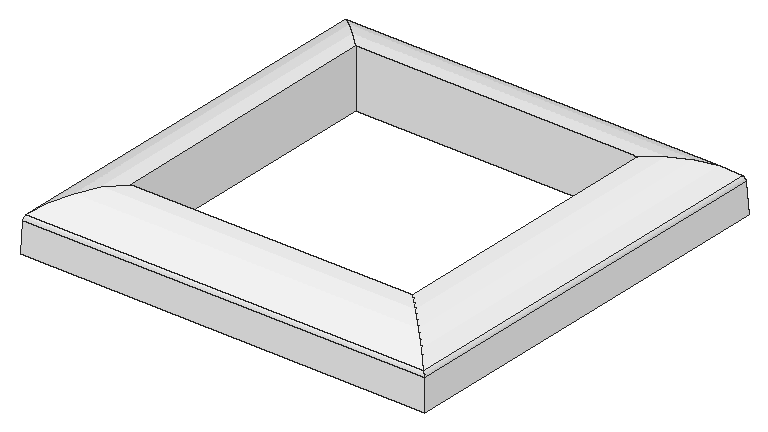
Revit family "Gira_109103", category Electrical Fixtures, host Face, Revit 2017
Family settings
  Host = Face
  Maintain Annotation Orientation = No
  Round Connector Dimension = Use Diameter
  Part Type = Normal
  Cut with Voids When Loaded = No
  Shared = No
  Room Calculation Point = No
Parameters
  Werkstoffgüte = "Thermoplast"
  Werkstoff = "Kunststoff"
  URL = "https://www.gira.de/"
  Typname = "Abdeckrahmen 1f BSF Gira E2 Reinweiß"
  Transparent = no
  Textfeld/Beschriftungsfläche = yes
  Schutzart (IP) = "IP20"
  RAL-Nummer (ähnlich) = 9010
  Produktseite = "http://katalog.gira.de/de_DE/datenblatt.html?artikelnr=109103"
  Oberfläche = "sonstige"
  Montagerichtung = "vertikal"
  Mit Montagerahmen = no
  Mit Klappdeckel = no
  Manufacturer = "Gira"
  Halogenfrei = yes
  HAN = "109103"
  Geeignet für Unterputz-Installation = yes
  Geeignet für Unterflurkanaldose = no
  Geeignet für Geräteeinbaukanal = no
  Geeignet für Einbauinstallation = no
  GTIN = "4010337091035"
  Farbe = "weiß"
  Datenblatt = "https://katalog.gira.de/de_DE/download.html?artikelnr=109103"
  Description = "Abdeckrahmen Gira Standard 55 mit Beschriftungsfeld Reinweiß glänzend 1fach Merkmale: - Bruchsicher. - Sprühnebeldicht. - Abdeckrahmen mit transparentem Sichtfenster zur Beschriftung der Einsätze. - Besonders geeignet für Objekte, in denen Elektroinstallation gekennzeichnet und dokumentiert werden muss, bspw. in Verwaltungen, gewerblichen Betrieben, Flughäfen, Unternehmen und Krankenhäusern.  Hinweise : - Nicht zu verwenden mit: Dichtungsset IP44, Aufputz-Gehäuse flache Bauweise, Aufputz-Gehäuse."
  Befestigungsart = "Klemmbefestigung"
  Keynote = "Std55_Rahmen_1fach"
  Default Elevation = 1219.2 mm
  BIM = "https://media.stage.bim.site/public/gira/876eb45/Std55_Rahmen_1fach.rfa"
  Ausführung der Oberfläche = "glänzend"
  Anzahl der Einheiten vertikal = 1
  Anzahl der Einheiten = 1
Reference planes
  plane 1 "Center (Front/Back)": y = 0
  plane 2: z = 0
  plane 3 "Center (Left/Right)": x = 0
  plane 4: y = -40.3
  plane 5: y = 40.3
  plane 6: x = 40.3
  plane 7: x = -40.3
Forms (mm)
  Sweep 1, solid, material "White", detail levels fine
    path origin (0, 0, 0) x (1, 0, 0) y (0, 1, 0)
      loop
        line (40.3, 40.3) -> (-40.3, 40.3) -> (-40.3, -40.3) -> (40.3, -40.3) -> (40.3, 40.3)
    profile origin (0, 40.3, 0) x (0, -1, 0) y (0, 0, 1)
      loop
        arc (12.22, 11.373) -> (5.983, 10.294) -> (0.641, 6.901) r 16.145
        arc (0.641, 6.901) -> (0.395, 6.426) -> (0.309, 5.898) r 1.694
        line (0.309, 5.898) -> (0, 0) -> (12.319, 0) -> (12.22, 11.373)
  Extrusion 2, solid, material "White", detail levels coarse+medium
    sketch origin (0, 0, 0) x (1, 0, 0) y (0, 1, 0)
      loop
        line (40.3, 40.3) -> (-40.3, 40.3) -> (-40.3, -40.3) -> (40.3, -40.3) -> (40.3, 40.3)
    from 0 to 11.373
Lines and regions (mm)
  reference lines
    curve 1: line (0, 40.3, 0) -> (0, -40.3, 0)
Dimensions and locks
  aligned and locked: plane 2 to host face
  aligned and locked: level to host face
